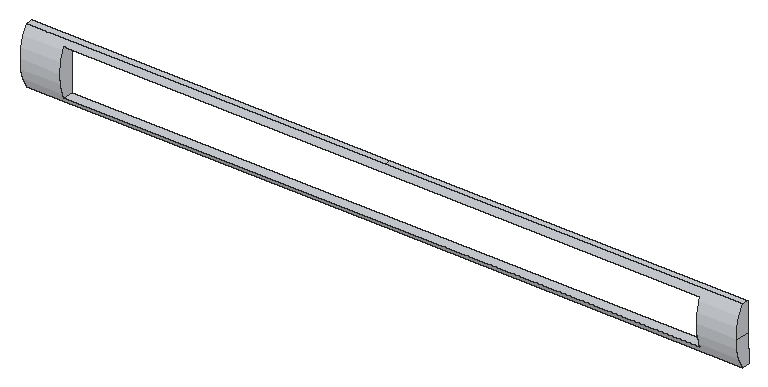
Revit family
Parameters
  Material ID = "760152538"
  Description = "SYSTIMAX 360 Evolve Panel Front Cover 1U\r\n360 11 00GS3 24 Port Patch Panel\r\n360 1100GS3 24 PORT PATCH PANEL"
Reference planes (in)
  plane 1 "Center (Front/Back)": y = 0
  plane 2: z = 0
  plane 3 "Center (Left/Right)": x = 0
Forms (in)
  Extrusion 1, solid
    sketch origin (0, 0, 0) x (1, 0, 0) y (0, 0, 1)
      loop
        line (0, 0.75218) -> (-9.5, 0.75218) -> (-9.5, 0.00218) -> (-9.5, -0.75218) -> (0, -0.75218) -> (9.5, -0.75218) -> (9.5, 0) -> (9.5, 0.75218) -> (0, 0.75218)
    from 0 to 2.5
  Extrusion 2, void, not visible
    sketch origin (0, 0, 0) x (1, 0, 0) y (0, 0, 1)
      loop
        line (-7.85662, 0.48089) -> (-7.85662, -0.39002) -> (-7.67285, -0.39002) -> (-7.67285, -0.64002) -> (-7.0736, -0.64002) -> (-7.0736, -0.39002) -> (-6.92978, -0.39002) -> (-6.92978, 0.48089) -> (-7.85662, 0.48089)
    from -3.79215 to 12
  Extrusion 3, void
    sketch origin (0, 0, 0) x (1, 0, 0) y (0, 0, 1)
      loop
        line (-8.19397, 0.28004) -> (-8.19397, -0.07417) -> (-8.06657, -0.07417) -> (-8.06657, -0.16337) -> (-7.91657, -0.16337) -> (-7.91657, -0.07417) -> (-7.80497, -0.07417) -> (-7.80497, 0.28004) -> (-8.19397, 0.28004)
    from 0.25637 to 5.60437
  Extrusion 4, void, not visible
    sketch origin (0, 0, 0) x (1, 0, 0) y (0, 0, 1)
      loop
        line (-8.21397, 0.42583) -> (-8.21397, -0.07417) -> (-8.08657, -0.07417) -> (-8.08657, -0.27417) -> (-7.83657, -0.27417) -> (-7.83657, -0.07417) -> (-7.72497, -0.07417) -> (-7.72497, 0.42583) -> (-8.21397, 0.42583)
    from 0.74059 to 3.34334
  Extrusion 5, void
    sketch origin (0, 0, 0) x (1, 0, 0) y (0, 0, 1)
      loop
        line (4.40826, 1.75) -> (4.20826, 1.75) -> (4.20826, -1.75) -> (4.40826, -1.75) -> (4.40826, 1.75)
    from 0 to 0.25637
  Extrusion 6, void
    sketch origin (-4.29969, 0, 0) x (1, 0, 0) y (0, 0, 1)
      loop
        line (4.40826, 1.75) -> (4.20826, 1.75) -> (4.20826, -1.75) -> (4.40826, -1.75) -> (4.40826, 1.75)
    from 0 to 0.21551
  Extrusion 7, void
    sketch origin (-8.6195, 0, 0) x (1, 0, 0) y (0, 0, 1)
      loop
        line (4.40826, 1.75) -> (4.20826, 1.75) -> (4.20826, -1.75) -> (4.40826, -1.75) -> (4.40826, 1.75)
    from 0 to 0.25637
  Extrusion 8, void
    sketch origin (0, 0, 0) x (0, 1, 0) y (0, 0, 1)
      loop
        line (-0.3725, 0.92313) -> (-2.87402, 0.92313) -> (-2.80422, -1.07565) -> (-0.23373, -1.07565)
        arc (-0.23373, -1.07565) -> (-0.68972, -0.1031) -> (-0.3725, 0.92313) r 1.48862
    from -13.91716 to 12
  Extrusion 9, void
    sketch origin (0.6, 0, 0) x (1, 0, 0) y (0, 0, 1)
      loop
        line (-8.19397, 0.28004) -> (-8.19397, -0.07417) -> (-8.06657, -0.07417) -> (-8.06657, -0.16337) -> (-7.91657, -0.16337) -> (-7.91657, -0.07417) -> (-7.80497, -0.07417) -> (-7.80497, 0.28004) -> (-8.19397, 0.28004)
    from 0.25637 to 5.60437
  Extrusion 10, void
    sketch origin (1.2, 0, 0) x (1, 0, 0) y (0, 0, 1)
      loop
        line (-8.19397, 0.28004) -> (-8.19397, -0.07417) -> (-8.06657, -0.07417) -> (-8.06657, -0.16337) -> (-7.91657, -0.16337) -> (-7.91657, -0.07417) -> (-7.80497, -0.07417) -> (-7.80497, 0.28004) -> (-8.19397, 0.28004)
    from 0.25637 to 5.60437
  Extrusion 11, void
    sketch origin (1.8, 0, 0) x (1, 0, 0) y (0, 0, 1)
      loop
        line (-8.19397, 0.28004) -> (-8.19397, -0.07417) -> (-8.06657, -0.07417) -> (-8.06657, -0.16337) -> (-7.91657, -0.16337) -> (-7.91657, -0.07417) -> (-7.80497, -0.07417) -> (-7.80497, 0.28004) -> (-8.19397, 0.28004)
    from 0.25637 to 5.60437
  Extrusion 12, void
    sketch origin (2.4, 0, 0) x (1, 0, 0) y (0, 0, 1)
      loop
        line (-8.19397, 0.28004) -> (-8.19397, -0.07417) -> (-8.06657, -0.07417) -> (-8.06657, -0.16337) -> (-7.91657, -0.16337) -> (-7.91657, -0.07417) -> (-7.80497, -0.07417) -> (-7.80497, 0.28004) -> (-8.19397, 0.28004)
    from 0.25637 to 5.60437
  Extrusion 13, void
    sketch origin (3, 0, 0) x (1, 0, 0) y (0, 0, 1)
      loop
        line (-8.19397, 0.28004) -> (-8.19397, -0.07417) -> (-8.06657, -0.07417) -> (-8.06657, -0.16337) -> (-7.91657, -0.16337) -> (-7.91657, -0.07417) -> (-7.80497, -0.07417) -> (-7.80497, 0.28004) -> (-8.19397, 0.28004)
    from 0.25637 to 5.60437
  Extrusion 14, void, not visible
    sketch origin (0, 0, 0) x (1, 0, 0) y (0, 0, 1)
      loop
        line (-8.19397, 0.28004) -> (-8.19397, -0.07417) -> (-8.06657, -0.07417) -> (-8.06657, -0.16337) -> (-7.91657, -0.16337) -> (-7.91657, -0.07417) -> (-7.80497, -0.07417) -> (-7.80497, 0.28004) -> (-8.19397, 0.28004)
    from 0.25637 to 5.60437
  Extrusion 15, void
    sketch origin (4.3, 0, 0) x (1, 0, 0) y (0, 0, 1)
      loop
        line (-8.19397, 0.28004) -> (-8.19397, -0.07417) -> (-8.06657, -0.07417) -> (-8.06657, -0.16337) -> (-7.91657, -0.16337) -> (-7.91657, -0.07417) -> (-7.80497, -0.07417) -> (-7.80497, 0.28004) -> (-8.19397, 0.28004)
    from 0.25637 to 5.60437
  Extrusion 16, void
    sketch origin (4.9, 0, 0) x (1, 0, 0) y (0, 0, 1)
      loop
        line (-8.19397, 0.28004) -> (-8.19397, -0.07417) -> (-8.06657, -0.07417) -> (-8.06657, -0.16337) -> (-7.91657, -0.16337) -> (-7.91657, -0.07417) -> (-7.80497, -0.07417) -> (-7.80497, 0.28004) -> (-8.19397, 0.28004)
    from 0.25637 to 5.60437
  Extrusion 17, void
    sketch origin (5.5, 0, 0) x (1, 0, 0) y (0, 0, 1)
      loop
        line (-8.19397, 0.28004) -> (-8.19397, -0.07417) -> (-8.06657, -0.07417) -> (-8.06657, -0.16337) -> (-7.91657, -0.16337) -> (-7.91657, -0.07417) -> (-7.80497, -0.07417) -> (-7.80497, 0.28004) -> (-8.19397, 0.28004)
    from 0.25637 to 5.60437
  Extrusion 18, void
    sketch origin (6.1, 0, 0) x (1, 0, 0) y (0, 0, 1)
      loop
        line (-8.19397, 0.28004) -> (-8.19397, -0.07417) -> (-8.06657, -0.07417) -> (-8.06657, -0.16337) -> (-7.91657, -0.16337) -> (-7.91657, -0.07417) -> (-7.80497, -0.07417) -> (-7.80497, 0.28004) -> (-8.19397, 0.28004)
    from 0.25637 to 5.60437
  Extrusion 19, void
    sketch origin (6.7, 0, 0) x (1, 0, 0) y (0, 0, 1)
      loop
        line (-8.19397, 0.28004) -> (-8.19397, -0.07417) -> (-8.06657, -0.07417) -> (-8.06657, -0.16337) -> (-7.91657, -0.16337) -> (-7.91657, -0.07417) -> (-7.80497, -0.07417) -> (-7.80497, 0.28004) -> (-8.19397, 0.28004)
    from 0.25637 to 5.60437
  Extrusion 20, void
    sketch origin (7.3, 0, 0) x (1, 0, 0) y (0, 0, 1)
      loop
        line (-8.19397, 0.28004) -> (-8.19397, -0.07417) -> (-8.06657, -0.07417) -> (-8.06657, -0.16337) -> (-7.91657, -0.16337) -> (-7.91657, -0.07417) -> (-7.80497, -0.07417) -> (-7.80497, 0.28004) -> (-8.19397, 0.28004)
    from 0.25637 to 5.60437
  Extrusion 21, void
    sketch origin (8.6, 0, 0) x (1, 0, 0) y (0, 0, 1)
      loop
        line (-8.19397, 0.28004) -> (-8.19397, -0.07417) -> (-8.06657, -0.07417) -> (-8.06657, -0.16337) -> (-7.91657, -0.16337) -> (-7.91657, -0.07417) -> (-7.80497, -0.07417) -> (-7.80497, 0.28004) -> (-8.19397, 0.28004)
    from 0.25637 to 5.60437
  Extrusion 22, void
    sketch origin (9.2, 0, 0) x (1, 0, 0) y (0, 0, 1)
      loop
        line (-8.19397, 0.28004) -> (-8.19397, -0.07417) -> (-8.06657, -0.07417) -> (-8.06657, -0.16337) -> (-7.91657, -0.16337) -> (-7.91657, -0.07417) -> (-7.80497, -0.07417) -> (-7.80497, 0.28004) -> (-8.19397, 0.28004)
    from 0.25637 to 5.60437
  Extrusion 23, void
    sketch origin (9.8, 0, 0) x (1, 0, 0) y (0, 0, 1)
      loop
        line (-8.19397, 0.28004) -> (-8.19397, -0.07417) -> (-8.06657, -0.07417) -> (-8.06657, -0.16337) -> (-7.91657, -0.16337) -> (-7.91657, -0.07417) -> (-7.80497, -0.07417) -> (-7.80497, 0.28004) -> (-8.19397, 0.28004)
    from 0.25637 to 5.60437
  Extrusion 24, void
    sketch origin (10.4, 0, 0) x (1, 0, 0) y (0, 0, 1)
      loop
        line (-8.19397, 0.28004) -> (-8.19397, -0.07417) -> (-8.06657, -0.07417) -> (-8.06657, -0.16337) -> (-7.91657, -0.16337) -> (-7.91657, -0.07417) -> (-7.80497, -0.07417) -> (-7.80497, 0.28004) -> (-8.19397, 0.28004)
    from 0.25637 to 5.60437
  Extrusion 25, void
    sketch origin (11, 0, 0) x (1, 0, 0) y (0, 0, 1)
      loop
        line (-8.19397, 0.28004) -> (-8.19397, -0.07417) -> (-8.06657, -0.07417) -> (-8.06657, -0.16337) -> (-7.91657, -0.16337) -> (-7.91657, -0.07417) -> (-7.80497, -0.07417) -> (-7.80497, 0.28004) -> (-8.19397, 0.28004)
    from 0.25637 to 5.60437
  Extrusion 26, void
    sketch origin (11.6, 0, 0) x (1, 0, 0) y (0, 0, 1)
      loop
        line (-8.19397, 0.28004) -> (-8.19397, -0.07417) -> (-8.06657, -0.07417) -> (-8.06657, -0.16337) -> (-7.91657, -0.16337) -> (-7.91657, -0.07417) -> (-7.80497, -0.07417) -> (-7.80497, 0.28004) -> (-8.19397, 0.28004)
    from 0.25637 to 5.60437
  Extrusion 27, void
    sketch origin (12.9, 0, 0) x (1, 0, 0) y (0, 0, 1)
      loop
        line (-8.19397, 0.28004) -> (-8.19397, -0.07417) -> (-8.06657, -0.07417) -> (-8.06657, -0.16337) -> (-7.91657, -0.16337) -> (-7.91657, -0.07417) -> (-7.80497, -0.07417) -> (-7.80497, 0.28004) -> (-8.19397, 0.28004)
    from 0.25637 to 5.60437
  Extrusion 28, void
    sketch origin (13.5, 0, 0) x (1, 0, 0) y (0, 0, 1)
      loop
        line (-8.19397, 0.28004) -> (-8.19397, -0.07417) -> (-8.06657, -0.07417) -> (-8.06657, -0.16337) -> (-7.91657, -0.16337) -> (-7.91657, -0.07417) -> (-7.80497, -0.07417) -> (-7.80497, 0.28004) -> (-8.19397, 0.28004)
    from 0.25637 to 5.60437
  Extrusion 29, void
    sketch origin (14.1, 0, 0) x (1, 0, 0) y (0, 0, 1)
      loop
        line (-8.19397, 0.28004) -> (-8.19397, -0.07417) -> (-8.06657, -0.07417) -> (-8.06657, -0.16337) -> (-7.91657, -0.16337) -> (-7.91657, -0.07417) -> (-7.80497, -0.07417) -> (-7.80497, 0.28004) -> (-8.19397, 0.28004)
    from 0.25637 to 5.60437
  Extrusion 30, void
    sketch origin (14.7, 0, 0) x (1, 0, 0) y (0, 0, 1)
      loop
        line (-8.19397, 0.28004) -> (-8.19397, -0.07417) -> (-8.06657, -0.07417) -> (-8.06657, -0.16337) -> (-7.91657, -0.16337) -> (-7.91657, -0.07417) -> (-7.80497, -0.07417) -> (-7.80497, 0.28004) -> (-8.19397, 0.28004)
    from 0.25637 to 5.60437
  Extrusion 31, void
    sketch origin (15.3, 0, 0) x (1, 0, 0) y (0, 0, 1)
      loop
        line (-8.19397, 0.28004) -> (-8.19397, -0.07417) -> (-8.06657, -0.07417) -> (-8.06657, -0.16337) -> (-7.91657, -0.16337) -> (-7.91657, -0.07417) -> (-7.80497, -0.07417) -> (-7.80497, 0.28004) -> (-8.19397, 0.28004)
    from 0.25637 to 5.60437
  Extrusion 32, void
    sketch origin (15.9, 0, 0) x (1, 0, 0) y (0, 0, 1)
      loop
        line (-8.19397, 0.28004) -> (-8.19397, -0.07417) -> (-8.06657, -0.07417) -> (-8.06657, -0.16337) -> (-7.91657, -0.16337) -> (-7.91657, -0.07417) -> (-7.80497, -0.07417) -> (-7.80497, 0.28004) -> (-8.19397, 0.28004)
    from 0.25637 to 5.60437
  Extrusion 33, void
    sketch origin (0, 0, 0) x (1, 0, 0) y (0, 0, 1)
      loop
        line (0, 0.59628) -> (-8.44, 0.59628) -> (-8.44, 0) -> (-8.44, -0.59628) -> (0, -0.59628) -> (8.44, -0.59628) -> (8.44, 0) -> (8.44, 0.59628) -> (0, 0.59628)
    from 0.54506 to 2.05637
  Extrusion 34, void
    sketch origin (0, 0, 0) x (1, 0, 0) y (0, 0, 1)
      loop
        line (-8.44, 0.59628) -> (-8.44, -0.59628) -> (8.44, -0.59628) -> (8.44, 0.59628) -> (-8.44, 0.59628)
    from 0 to 12
  Extrusion 35, void
    sketch origin (0, 0, 0) x (1, 0, 0) y (0, 0, 1)
      loop
        line (9.5, 0.75218) -> (-9.5, 0.75218) -> (-9.5, -0.75218) -> (9.5, -0.75218) -> (9.5, 0.75218)
    from 0 to 0.3
Cuts and joins
  Extrusion 3, Extrusion 5, Extrusion 6, Extrusion 7, Extrusion 8, Extrusion 9, Extrusion 10, Extrusion 11, Extrusion 12, Extrusion 13, Extrusion 15, Extrusion 16, Extrusion 17, Extrusion 18, Extrusion 19, Extrusion 20, Extrusion 21, Extrusion 22, Extrusion 23, Extrusion 24, Extrusion 25, Extrusion 26, Extrusion 27, Extrusion 28, Extrusion 29, Extrusion 30, Extrusion 31, Extrusion 32, Extrusion 33, Extrusion 34, Extrusion 35 cuts Extrusion 1
Dimensions and locks (in)
  equal spacing: group 3, group 4, group 5, group 6, group 7, group 8  (x3)
  equal spacing: group 11, group 12, group 13, group 14, group 15, group 16  (x3)
  equal spacing: group 9, group 17, group 24, group 31  (x3)
  equal spacing: group 18, group 19, group 20, group 21, group 22, group 23  (x3)
  equal spacing: group 25, group 26, group 27, group 28, group 29, group 30  (x3)
  aligned: level to Extrusion 1 sketch curve
  aligned and locked: plane 3 "Center (Left/Right)" to Extrusion 1 sketch curve
  aligned: plane 3 "Center (Left/Right)" to Extrusion 33 sketch curve
  aligned and locked: Extrusion 34 sketch curve to cut or joined group of Extrusion 1, Extrusion 3, Extrusion 5, Extrusion 6, Extrusion 7, Extrusion 8, Extrusion 9, Extrusion 10, Extrusion 11, Extrusion 12, Extrusion 13, Extrusion 15, Extrusion 16, Extrusion 17, Extrusion 18, Extrusion 19, Extrusion 20, Extrusion 21, Extrusion 22, Extrusion 23, Extrusion 24, Extrusion 25, Extrusion 26, Extrusion 27, Extrusion 28, Extrusion 29, Extrusion 30, Extrusion 31, Extrusion 32, Extrusion 33, Extrusion 34, Extrusion 35  (x4)
